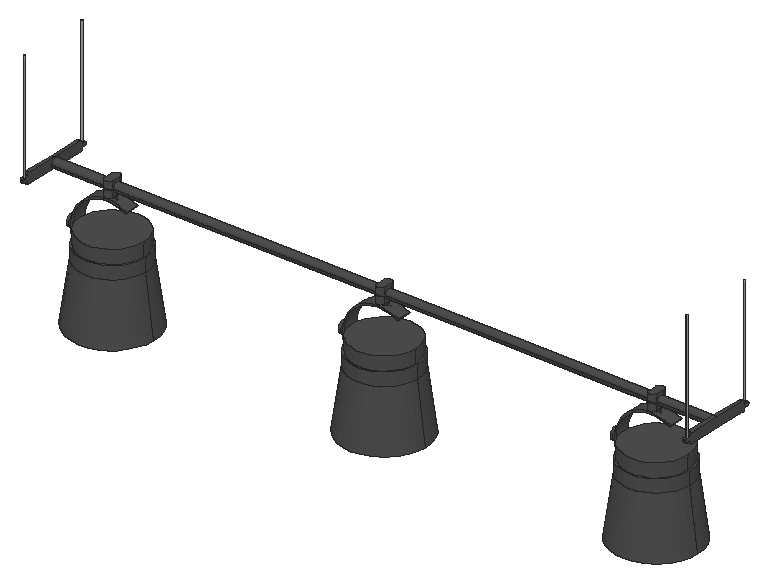
Revit family "Lighting_Pendants_Zero_Ginza_Horizontal_Pendant", category Lighting Fixtures, Revit 2020
Family settings
  Round Connector Dimension = Use Diameter
  Part Type = Normal
  Work Plane-Based = Yes
  Always vertical = Yes
  Cut with Voids When Loaded = No
  Light Source = No
  Shared = No
  Room Calculation Point = No
Parameters (values of type "Ginza horizontal 3 x LED 620LM/10W black")
  Youtube clip = ""
  Weight Net (Kg) = "5.2"
  Wattage Comments = ""
  WarrantyStartDate = "n/a"
  WarrantyGuarantorParts = "n/a"
  WarrantyGuarantorLabor = "n/a"
  WarrantyDurationUnit = "Hours"
  WarrantyDurationParts = "n/a"
  WarrantyDurationLabor = "n/a"
  WarrantyDescription = "n/a"
  VersionDate = "31/08/2023"  # constant formula
  Version = "3"  # constant formula
  UsageCurrent = 0 A
  Uniformat II Description = ""
  Uniformat II Code = ""
  Uniclass2015Reference = "Pr_70_70_48_86"
  Uniclass2015Description = "Suspended luminaires"
  Uniclass2 = "Pr_70_70_49_86"
  Uniclass 2015 Name = ""
  Uniclass 2015 Code = ""
  Uniclass 2.0 Description = ""
  Uniclass 2.0 Code = ""
  Uniclass 1.4 Description = ""
  Uniclass 1.4 Code = ""
  URL = "https://www.zerolighting.com/ginza-horisontal-inompe"
  UNSPSC Code = ""
  TotalWattage = 30 W
  Technical description = ""
  TagNumber [instance] = "n/a"
  SustainabilityPerformance = "n/a"
  Size = "150x238x1200 mm"
  Shape = "Sculptured"
  SerialNumber [instance] = "n/a"
  Revision = "5"  # constant formula
  ReplacementCost = "n/a"
  Region South America = "None"
  Region Oceania = "AU, NZ"
  Region North America = "BZ, CR, GT, HN, MX, NI, PA, SV, US"
  Region Middle East = "AE"
  Region Europe = "AD, AL, AT, AX, BA, BE, BG, BY, CH, CY, CZ, DE, DK, EE, ES, FI, FO, FR, GB, GG, GI, GR, HR, HU, IE, IM, IS, IT, JE, LI, LT, LU, LV, MC, MD, ME, MK, MT, NL, NO, PL, PT, RO, RS, RU, SE, SI, SJ, SK, SM, UA, VA"
  Region Asia = "HK, JP, SG"
  Region Antarctica = "None"
  Region Africa = "None"
  ProductInformation = "A spotlight mounted on a strip: simple and practical."
  ProductDatasheet = "https://www.zerolighting.com/s/Ginza-Horisontal.pdf"
  Product group = "Pendant"
  Product family = "Ginza"
  Product certification = ""
  Product SKU = "Ginza_Horisontal"
  Product Guid = "4d562fae-40b8-4830-a2ab-da16390fc901"
  PhaseReference = "n/a"
  PhaseAngle = 0.00°
  OmniClass Description = ""
  OmniClass Code = ""
  NumberOfSources = 1
  NumberOfPoles = 1
  NominalVoltageCalc = 230 V
  NominalVoltage = 230 V
  NominalLength = 1200 mm
  NominalFrequencyRange = 50 Hz
  NominalDepth = 150 mm
  NominalCurrent = 0 A
  Nominal width = 1200 mm
  Nominal height = 230 mm
  Name = "Zero_Ginza_Horizontal_Pendant"  # constant formula
  NBSReference = "90-60-50/405"
  NBSDescription = "General purpose luminaires"
  NBS Reference Description = ""
  NBS Reference Code = ""
  ModelReference = "8430-1-06"
  ModelNumber = "n/a"
  Model = "Ginza horizontal 3 x LED 620LM/10W black"
  Material secondary = "Steel"
  Material main = "Aluminium"
  Material = "Aluminium & microprisma"
  Masterformat 2014 Description = ""
  Masterformat 2014 Code = ""
  ManufacturersSpecificInformation = "n/a"
  ManufacturerURL = "https://www.zerolighting.com/"
  ManufacturerName = "Zero"
  Manufacturer name = "ZERO"
  Manufacturer country = "Sweden"
  Manufacturer = "Zero"
  MaintenanceFactor = 0
  LightSource = "3 x LED 620LM/10W"
  LightFixtureTertiaryMaterial = Steel, Galvanized
  LightFixtureSecondaryMaterial = Black aluminium
  LightFixturePlacingType = "Ceiling"
  LightFixtureMountingType = "Suspended"
  LightFixtureMainMaterial = Black aluminium
  LensMaterial = Microprisma
  Lamp = ""
  InsulationStandardClass = "n/a"
  InstallationDate = "n/a"
  Installation instructions = ""
  IfcExportType = "NOTDEFINED"  # constant formula
  IfcExportAs = "IfcLightFixtureType"  # constant formula
  IP_Code = "IP 20"
  IFC Classification = ""
  HasProtectiveEarth = no
  Grade = "n/a"
  GTIN code = ""
  Finish = "Painted metal and aluminum. White RAL 9010, black RAL 9005, orange RAL 4030S. Diffuser in microprisma.  Other colours or lenghts/mumber of spotlights on request."
  Features = "Terminal block 3x2,5mm² in ceiling cup. Adjustable spotlights. 2,5 m wire"
  ExpectedLife = "n/a"
  ElectricalDeviceNominalPower = 10 W
  Edition number = 1
  DurationUnit = "Hours"
  DimmingType = "n/a"
  Designer = "Thomas Bernstrand"
  Design country = "Sweden"
  Description = "A spotlight mounted on a strip: simple and practical. Above a table or in front of a wall, Ginza is available both horizontal and vertical. In addition, the fixture can twist around its axis to direct light at the desired angle without altering the balance of the strip."
  DefaultElevation = 0 mm
  Default Elevation [instance] = 1219.2 mm
  Date of publishing = ""
  Constituents = "n/a"
  ColorTolerance = "SDCM 3"
  ColorRenderingIndex = ">80"
  Color = "Black"
  Collection = "Ginza"
  built-in parameter 1114216 [instance] = (empty or 0)
  CodePerformance = "n/a"
  Category = "Interior lighting"
  CableLengthControl [instance] = if(CableLength < 200 mm, 200 mm, if(CableLength > 2500 mm, 2500 mm, CableLength))  # 200 mm
  CableLength [instance] = 200 mm
  COBIe Type Category = ""
  Brand url = "http://www.zero.se"
  Brand = "Zero"
  Barcode [instance] = "n/a"
  BIMObjectName = "Lighting_Pendants_Zero_Ginza_Horizontal_Pendant"  # constant formula
  Author = "BIMstone"  # constant formula
  AssetType = "n/a"
  AssetIdentifier [instance] = "n/a"
  ArticleNumber = "8430-1-06"
  Apparent Load = 0 VA
  AccessibilityPerformance = "n/a"
Reference planes
  plane 1 "Center (Front/Back)": y = 0
  plane 2: z = -4000
  plane 3 "Center (Left/Right)": x = 0
  plane 4 "Ceiling": z = 0
  plane 5: z = -200
  plane 6: x = 490.002
  plane 7: x = -490.104
  plane 8: z = -424.976
  plane 9: y = 75
  plane 10: y = -75
  plane 11: x = -600
  plane 12: x = 600
  plane 13: z = -187
  plane 14: z = 0
Forms (mm)
  Extrusion 1, solid, material "Steel, Galvanized" <- "LightFixtureTertiaryMaterial", detail levels medium+fine
    sketch origin (0, 0, 0) x (0, 1, 0) y (-1, 0, 0)
      loop
        circle (64.5, 597) r 1
      loop
        circle (-64.5, 597) r 1
      loop
        circle (64.5, -597) r 1
      loop
        circle (-64.5, -597) r 1
    from -200 to 0
  Extrusion 2, solid, material "Black aluminium" <- "LightFixtureMainMaterial", detail levels coarse
    sketch origin (0, 0, 0) x (0, 1, 0) y (-1, 0, 0)
      loop
        line (75, 600) -> (-75, 600) -> (-75, -600) -> (75, -600) -> (75, 600)
    from 0 to -424.976
Lines and regions (mm)
  symbolic lines, detail levels medium+fine
    curve 1: line (598, 0, -191) -> (598, 0, 0)
    curve 2: line (598, 0, 0) -> (596, 0, 0)
    curve 3: line (596, 0, 0) -> (596, 0, -191)
    curve 10: line (-598, 0, -191) -> (-598, 0, 0)
    curve 11: line (-598, 0, 0) -> (-596, 0, 0)
    curve 12: line (-596, 0, 0) -> (-596, 0, -191)
    curve 13: arc (-489.976, -75, -4000) -> (-540.101, -55.79, -4000) -> (-564.548, -8, -4000) r 75
    curve 14: arc (-489.976, 75, -4000) -> (-439.852, 55.79, -4000) -> (-415.404, 8, -4000) r 75
    curve 40: line (-600, 70, 4000) -> (-600, -70, 4000)
    curve 41: line (-600, -70, 4000) -> (-594, -70, 4000)
    curve 42: line (-594, -70, 4000) -> (-594, -8, 4000)
    curve 43: line (-594, -8, 4000) -> (-564.548, -8, 4000)
    curve 44: line (-600, 70, 4000) -> (-594, 70, 4000)
    curve 45: line (-594, 70, 4000) -> (-594, 8, 4000)
    curve 46: line (-594, 8, 4000) -> (-564.548, 8, 4000)
    curve 47: arc (-564.548, 8, -4000) -> (-540.101, 55.79, -4000) -> (-489.976, 75, -4000) r 75
    curve 50: line (-594, 8, -4000) -> (-564.548, 8, -4000)
    curve 51: line (-594, -8, -4000) -> (-564.548, -8, -4000)
    curve 54: arc (-415.404, -8, -4000) -> (-439.852, -55.79, -4000) -> (-489.976, -75, -4000) r 75
    curve 55: arc (0, -75, -4000) -> (-50.125, -55.79, -4000) -> (-74.572, -8, -4000) r 75
    curve 56: arc (0, 75, -4000) -> (50.125, 55.79, -4000) -> (74.572, 8, -4000) r 75
    curve 82: arc (-74.572, 8, -4000) -> (-50.125, 55.79, -4000) -> (0, 75, -4000) r 75
    curve 87: arc (74.572, -8, -4000) -> (50.125, -55.79, -4000) -> (0, -75, -4000) r 75
    curve 88: arc (489.976, -75, -4000) -> (439.852, -55.79, -4000) -> (415.404, -8, -4000) r 75
    curve 89: arc (489.976, 75, -4000) -> (540.101, 55.79, -4000) -> (564.548, 8, -4000) r 75
    curve 115: arc (415.404, 8, -4000) -> (439.852, 55.79, -4000) -> (489.976, 75, -4000) r 75
    curve 120: arc (564.548, -8, -4000) -> (540.101, -55.79, -4000) -> (489.976, -75, -4000) r 75
    curve 122: line (-415.404, 8, -4000) -> (-74.572, 8, -4000)
    curve 123: line (-415.404, -8, -4000) -> (-74.572, -8, -4000)
    curve 127: line (74.572, 8, -4000) -> (415.404, 8, -4000)
    curve 128: line (74.572, -8, -4000) -> (415.404, -8, -4000)
    curve 131: line (564.548, 8, -4000) -> (594, 8, -4000)
    curve 132: line (564.548, -8, -4000) -> (594, -8, -4000)
    curve 133: line (594, 8, 4000) -> (594, 70, 4000)
    curve 134: line (594, 70, 4000) -> (600, 70, 4000)
    curve 135: line (600, 70, 4000) -> (600, -70, 4000)
    curve 136: line (600, -70, 4000) -> (594, -70, 4000)
    curve 137: line (594, -70, 4000) -> (594, -8, 4000)
    curve 155: line (0, 65.5, -197) -> (0, 65.5, 0)
    curve 156: line (0, 65.5, 0) -> (0, -63.5, 0)
    curve 157: line (0, 63.5, 0) -> (0, 63.5, -197)
    curve 158: line (0, -63.5, -197) -> (0, -63.5, 0)
    curve 159: line (0, -65.5, 0) -> (0, -63.5, 0)
    curve 160: line (0, -65.5, 0) -> (0, -65.5, -197)
  symbolic lines, detail levels fine
    curve 4: line (598, 0, -191) -> (598, 0, -197)
    curve 5: line (598, 0, -197) -> (596, 0, -197)
    curve 6: line (596, 0, -197) -> (596, 0, -191)
    curve 7: line (-596, 0, -191) -> (-596, 0, -197)
    curve 8: line (-596, 0, -197) -> (-598, 0, -197)
    curve 9: line (-598, 0, -197) -> (-598, 0, -191)
    curve 15: arc (-502.451, 59.2, -4000) -> (-534.332, 41.144, -4000) -> (-549.945, 8, -4000) r 60.5
    curve 16: arc (-489.976, -60.5, -4000) -> (-450.125, -45.521, -4000) -> (-430.008, -8, -4000) r 60.5
    curve 17: arc (-489.976, -57, -4000) -> (-452.607, -43.041, -4000) -> (-433.541, -8, -4000) r 57
    curve 18: arc (-502.451, 55.618, -4000) -> (-531.858, 38.665, -4000) -> (-546.412, 8, -4000) r 57
    curve 19: line (-477.45, -35.373, -4000) -> (-502.451, -35.373, -4000)
    curve 20: line (-502.451, -35.373, -4000) -> (-502.451, -8, -4000)
    curve 21: line (-477.45, -35.373, -4000) -> (-477.45, -8, -4000)
    curve 22: arc (-497.451, 7.5, -4000) -> (-504.951, 0, -4000) -> (-497.451, -7.5, -4000) r 7.5
    curve 23: line (-482.451, 7.5, -4000) -> (-497.451, 7.5, -4000)
    curve 24: arc (-482.451, -7.5, -4000) -> (-474.951, 0, -4000) -> (-482.451, 7.5, -4000) r 7.5
    curve 25: line (-497.451, -7.5, -4000) -> (-482.451, -7.5, -4000)
    curve 26: line (-502.451, -9.773, -4000) -> (-477.45, -9.773, -4000)
    curve 27: line (-502.451, -24.006, -4000) -> (-477.45, -24.006, -4000)
    curve 28: line (-502.451, 64.523, -4000) -> (-477.45, 64.523, -4000)
    curve 29: line (-489.946, 66.527, -4000) -> (-496.428, 66.527, -4000)
    curve 30: line (-483.464, 66.527, -4000) -> (-489.946, 66.527, -4000)
    curve 31: line (-479.946, 70.028, -4000) -> (-489.946, 70.028, -4000)
    curve 32: line (-489.946, 70.028, -4000) -> (-499.946, 70.028, -4000)
    curve 33: line (-499.946, 70.028, -4000) -> (-499.946, 74.334, -4000)
    curve 34: line (-479.946, 70.028, -4000) -> (-479.946, 74.326, -4000)
    curve 35: line (-493.446, 70.028, -4000) -> (-493.446, 66.527, -4000)
    curve 36: line (-496.428, 66.527, -4000) -> (-496.428, 64.523, -4000)
    curve 37: line (-483.464, 66.527, -4000) -> (-483.464, 64.523, -4000)
    curve 38: line (-502.451, 64.523, -4000) -> (-502.451, 8, -4000)
    curve 39: line (-477.45, 64.523, -4000) -> (-477.45, 8, -4000)
    curve 48: arc (-549.945, -8, -4000) -> (-529.828, -45.521, -4000) -> (-489.976, -60.5, -4000) r 60.5
    curve 49: arc (-546.412, -8, -4000) -> (-527.346, -43.041, -4000) -> (-489.976, -57, -4000) r 57
    curve 52: arc (-433.541, 8, -4000) -> (-448.077, 38.645, -4000) -> (-477.45, 55.607, -4000) r 57
    curve 53: arc (-430.008, 8, -4000) -> (-445.603, 41.125, -4000) -> (-477.45, 59.189, -4000) r 60.5
    curve 57: arc (-12.475, 59.2, -4000) -> (-44.355, 41.144, -4000) -> (-59.969, 8, -4000) r 60.5
    curve 58: arc (0, -60.5, -4000) -> (39.851, -45.521, -4000) -> (59.969, -8, -4000) r 60.5
    curve 59: arc (0, -57, -4000) -> (37.37, -43.041, -4000) -> (56.436, -8, -4000) r 57
    curve 60: arc (-12.475, 55.618, -4000) -> (-41.881, 38.665, -4000) -> (-56.436, 8, -4000) r 57
    curve 61: line (12.526, -35.373, -4000) -> (-12.475, -35.373, -4000)
    curve 62: line (-12.475, -35.373, -4000) -> (-12.475, -8, -4000)
    curve 63: line (12.526, -35.373, -4000) -> (12.526, -8, -4000)
    curve 64: arc (-7.474, 7.5, -4000) -> (-14.974, 0, -4000) -> (-7.474, -7.5, -4000) r 7.5
    curve 65: line (7.526, 7.5, -4000) -> (-7.474, 7.5, -4000)
    curve 66: arc (7.526, -7.5, -4000) -> (15.026, 0, -4000) -> (7.526, 7.5, -4000) r 7.5
    curve 67: line (-7.474, -7.5, -4000) -> (7.526, -7.5, -4000)
    curve 68: line (-12.475, -9.773, -4000) -> (12.526, -9.773, -4000)
    curve 69: line (-12.475, -24.006, -4000) -> (12.526, -24.006, -4000)
    curve 70: line (-12.475, 64.523, -4000) -> (12.526, 64.523, -4000)
    curve 71: line (0.03, 66.527, -4000) -> (-6.451, 66.527, -4000)
    curve 72: line (6.512, 66.527, -4000) -> (0.03, 66.527, -4000)
    curve 73: line (10.03, 70.028, -4000) -> (0.03, 70.028, -4000)
    curve 74: line (0.03, 70.028, -4000) -> (-9.97, 70.028, -4000)
    curve 75: line (-9.97, 70.028, -4000) -> (-9.97, 74.334, -4000)
    curve 76: line (10.03, 70.028, -4000) -> (10.03, 74.326, -4000)
    curve 77: line (-3.47, 70.028, -4000) -> (-3.47, 66.527, -4000)
    curve 78: line (-6.451, 66.527, -4000) -> (-6.451, 64.523, -4000)
    curve 79: line (6.512, 66.527, -4000) -> (6.512, 64.523, -4000)
    curve 80: line (-12.475, 64.523, -4000) -> (-12.475, 8, -4000)
    curve 81: line (12.526, 64.523, -4000) -> (12.526, 8, -4000)
    curve 83: arc (-59.969, -8, -4000) -> (-39.851, -45.521, -4000) -> (0, -60.5, -4000) r 60.5
    curve 84: arc (-56.436, -8, -4000) -> (-37.37, -43.041, -4000) -> (0, -57, -4000) r 57
    curve 85: arc (56.436, 8, -4000) -> (41.899, 38.645, -4000) -> (12.526, 55.607, -4000) r 57
    curve 86: arc (59.969, 8, -4000) -> (44.373, 41.125, -4000) -> (12.526, 59.189, -4000) r 60.5
    curve 90: arc (477.501, 59.2, -4000) -> (445.621, 41.144, -4000) -> (430.008, 8, -4000) r 60.5
    curve 91: arc (489.976, -60.5, -4000) -> (529.828, -45.521, -4000) -> (549.945, -8, -4000) r 60.5
    curve 92: arc (489.976, -57, -4000) -> (527.346, -43.041, -4000) -> (546.412, -8, -4000) r 57
    curve 93: arc (477.501, 55.618, -4000) -> (448.095, 38.665, -4000) -> (433.541, 8, -4000) r 57
    curve 94: line (502.503, -35.373, -4000) -> (477.501, -35.373, -4000)
    curve 95: line (477.501, -35.373, -4000) -> (477.501, -8, -4000)
    curve 96: line (502.503, -35.373, -4000) -> (502.503, -8, -4000)
    curve 97: arc (482.502, 7.5, -4000) -> (475.002, 0, -4000) -> (482.502, -7.5, -4000) r 7.5
    curve 98: line (497.502, 7.5, -4000) -> (482.502, 7.5, -4000)
    curve 99: arc (497.502, -7.5, -4000) -> (505.002, 0, -4000) -> (497.502, 7.5, -4000) r 7.5
    curve 100: line (482.502, -7.5, -4000) -> (497.502, -7.5, -4000)
    curve 101: line (477.501, -9.773, -4000) -> (502.503, -9.773, -4000)
    curve 102: line (477.501, -24.006, -4000) -> (502.503, -24.006, -4000)
    curve 103: line (477.501, 64.523, -4000) -> (502.503, 64.523, -4000)
    curve 104: line (490.007, 66.527, -4000) -> (483.525, 66.527, -4000)
    curve 105: line (496.489, 66.527, -4000) -> (490.007, 66.527, -4000)
    curve 106: line (500.007, 70.028, -4000) -> (490.007, 70.028, -4000)
    curve 107: line (490.007, 70.028, -4000) -> (480.007, 70.028, -4000)
    curve 108: line (480.007, 70.028, -4000) -> (480.007, 74.334, -4000)
    curve 109: line (500.007, 70.028, -4000) -> (500.007, 74.326, -4000)
    curve 110: line (486.507, 70.028, -4000) -> (486.507, 66.527, -4000)
    curve 111: line (483.525, 66.527, -4000) -> (483.525, 64.523, -4000)
    curve 112: line (496.489, 66.527, -4000) -> (496.489, 64.523, -4000)
    curve 113: line (477.501, 64.523, -4000) -> (477.501, 8, -4000)
    curve 114: line (502.503, 64.523, -4000) -> (502.503, 8, -4000)
    curve 116: arc (430.008, -8, -4000) -> (450.125, -45.521, -4000) -> (489.976, -60.5, -4000) r 60.5
    curve 117: arc (433.541, -8, -4000) -> (452.607, -43.041, -4000) -> (489.976, -57, -4000) r 57
    curve 118: arc (546.412, 8, -4000) -> (531.876, 38.645, -4000) -> (502.503, 55.607, -4000) r 57
    curve 119: arc (549.945, 8, -4000) -> (534.349, 41.125, -4000) -> (502.503, 59.189, -4000) r 60.5
    curve 121: line (-564.548, 8, -4000) -> (-415.404, 8, -4000)
    curve 124: line (-564.548, -8, -4000) -> (-415.404, -8, -4000)
    curve 125: line (-74.572, -8, -4000) -> (74.572, -8, -4000)
    curve 126: line (-74.572, 8, -4000) -> (74.572, 8, -4000)
    curve 129: line (415.404, 8, -4000) -> (564.548, 8, -4000)
    curve 130: line (415.404, -8, -4000) -> (564.548, -8, -4000)
    curve 138: line (594, -8, 4000) -> (594, 8, 4000)
    curve 139: arc (598, 64.5, 4000) -> (597, 65.5, 4000) -> (596, 64.5, 4000) r 1
    curve 140: arc (596, 64.5, 4000) -> (597, 63.5, 4000) -> (598, 64.5, 4000) r 1
    curve 141: arc (597, -63.5, 4000) -> (596, -64.5, 4000) -> (597, -65.5, 4000) r 1
    curve 142: arc (597, -65.5, 4000) -> (598, -64.5, 4000) -> (597, -63.5, 4000) r 1
    curve 143: line (3.53, 70.028, -4000) -> (3.53, 66.527, -4000)
    curve 144: line (493.507, 70.028, -4000) -> (493.507, 66.527, -4000)
    curve 145: line (-486.446, 70.028, -4000) -> (-486.446, 66.527, -4000)
    curve 146: arc (-596, 64.5, 4000) -> (-597, 65.5, 4000) -> (-598, 64.5, 4000) r 1
    curve 147: arc (-598, 64.5, 4000) -> (-597, 63.5, 4000) -> (-596, 64.5, 4000) r 1
    curve 148: arc (-597, -65.5, 4000) -> (-596, -64.5, 4000) -> (-597, -63.5, 4000) r 1
    curve 149: arc (-597, -63.5, 4000) -> (-598, -64.5, 4000) -> (-597, -65.5, 4000) r 1
    curve 150: line (-600, -60, 4000) -> (-594, -60, 4000)
    curve 151: line (-600, 60, 4000) -> (-594, 60, 4000)
    curve 152: line (594, 62, 4000) -> (600, 62, 4000)
    curve 153: line (594, -60, 4000) -> (600, -60, 4000)
    curve 154: line (-594, -8, -4000) -> (-594, 8, -4000)
Dimensions and locks
  "CableLengthControl": plane 5 to plane 4 "Ceiling"
  locked: plane 6 to plane 3 "Center (Left/Right)" at 490.002
  locked: plane 7 to plane 3 "Center (Left/Right)" at 490.104
  equal spacing: plane 11, plane 3 "Center (Left/Right)", plane 12
  "NominalLength": plane 11 to plane 12
  equal spacing: plane 9, plane 1 "Center (Front/Back)", plane 10
  "NominalDepth": plane 9 to plane 10
  locked: plane 5 to plane 13 at 13
  locked: plane 8 to plane 13 at 237.976
  aligned and locked: plane 5 to nested 1
  aligned and locked: plane 3 "Center (Left/Right)" to nested 1
  aligned and locked: nested 2 to plane 3 "Center (Left/Right)"
  aligned and locked: nested 3 to plane 6
  aligned and locked: nested 4 to plane 7
  aligned and locked: Extrusion 1 to plane 4 "Ceiling"
  aligned and locked: Extrusion 1 to plane 5
  aligned and locked: curve 2 to Extrusion 1
  aligned and locked: curve 11 to plane 4 "Ceiling"
  aligned and locked: nested 3 to plane 5
  aligned and locked: nested 2 to plane 5
  aligned and locked: nested 4 to plane 5
  aligned and locked: plane 9 to Extrusion 2 sketch curve
  aligned and locked: Extrusion 2 sketch curve to plane 11
  aligned and locked: Extrusion 2 sketch curve to plane 10
  aligned and locked: plane 12 to Extrusion 2 sketch curve
  aligned and locked: Extrusion 2 to plane 4 "Ceiling"
  aligned and locked: plane 8 to Extrusion 2
  aligned and locked: curve 5 to nested 1
  aligned and locked: curve 8 to nested 1
  aligned and locked: curve 156 to Extrusion 1
  aligned and locked: curve 159 to Extrusion 1
Automatic sketch dimensions
  Extrusion 1 sketch curve to Extrusion 1 sketch curve = 0 mm  (x8)
  plane 1 "Center (Front/Back)" to Extrusion 1 sketch curve = 64.5 mm  (x2)
  Extrusion 1 sketch curve to plane 1 "Center (Front/Back)" = 64.5 mm  (x2)
  plane 6 to Extrusion 1 sketch curve = 106.998 mm  (x2)
  plane 7 to Extrusion 1 sketch curve = 106.896 mm  (x2)
  Extrusion 1 sketch curve to Extrusion 1 sketch curve = 1 mm  (x4)
  curve 10 to plane 3 "Center (Left/Right)" = 598 mm
  curve 12 to plane 3 "Center (Left/Right)" = 596 mm
  plane 3 "Center (Left/Right)" to curve 2 = 596 mm
  plane 3 "Center (Left/Right)" to curve 2 = 598 mm
  plane 13 to curve 3 = 4 mm
  plane 13 to curve 9 = 4 mm
  curve 7 to curve 9 = 0 mm
  curve 1 to curve 3 = 0 mm
  curve 13 to curve 14 = 0 mm
  curve 13 to curve 15 = 0 mm  (x2)
  curve 13 to curve 16 = 0 mm  (x2)
  curve 13 to curve 17 = 0 mm  (x2)
  curve 13 to curve 18 = 0 mm  (x2)
  curve 13 to curve 47 = 0 mm  (x2)
  curve 13 to curve 48 = 0 mm
  curve 13 to curve 49 = 0 mm
  curve 13 to curve 52 = 0 mm  (x2)
  curve 13 to curve 53 = 0 mm  (x2)
  curve 13 to curve 54 = 0 mm
  curve 55 to curve 56 = 0 mm
  curve 55 to curve 57 = 0 mm  (x2)
  curve 55 to curve 58 = 0 mm  (x2)
  curve 55 to curve 59 = 0 mm  (x2)
  curve 55 to curve 60 = 0 mm  (x2)
  curve 55 to curve 82 = 0 mm  (x2)
  curve 55 to curve 83 = 0 mm
  curve 55 to curve 84 = 0 mm
  curve 55 to curve 85 = 0 mm  (x2)
  curve 55 to curve 86 = 0 mm  (x2)
  curve 55 to curve 87 = 0 mm
  curve 88 to curve 89 = 0 mm
  curve 88 to curve 90 = 0 mm  (x2)
  curve 88 to curve 91 = 0 mm  (x2)
  curve 88 to curve 92 = 0 mm  (x2)
  curve 88 to curve 93 = 0 mm  (x2)
  curve 88 to curve 115 = 0 mm  (x2)
  curve 88 to curve 116 = 0 mm
  curve 88 to curve 117 = 0 mm
  curve 88 to curve 118 = 0 mm  (x2)
  curve 88 to curve 119 = 0 mm  (x2)
  curve 88 to curve 120 = 0 mm
  plane 1 "Center (Front/Back)" to curve 22 = 0 mm
  plane 1 "Center (Front/Back)" to curve 16 = 0 mm
  curve 47 to plane 9 = 0 mm
  curve 13 to plane 10 = 0 mm
  plane 1 "Center (Front/Back)" to curve 64 = 0 mm
  plane 1 "Center (Front/Back)" to curve 83 = 0 mm
  curve 83 to plane 3 "Center (Left/Right)" = 0 mm
  plane 1 "Center (Front/Back)" to curve 97 = 0 mm
  plane 1 "Center (Front/Back)" to curve 119 = 0 mm
  curve 88 to plane 10 = 0 mm
  curve 115 to plane 9 = 0 mm
  curve 55 to plane 10 = 0 mm
  curve 82 to plane 9 = 0 mm
  curve 64 to plane 3 "Center (Left/Right)" = 7.474 mm
  curve 24 to plane 7 = 7.654 mm
  curve 49 to plane 7 = 0.128 mm
  plane 7 to curve 22 = 7.346 mm
  curve 55 to curve 66 = 7.526 mm
  curve 119 to plane 6 = 0.026 mm
  plane 6 to curve 99 = 7.5 mm
  curve 77 to plane 3 "Center (Left/Right)" = 3.47 mm
  curve 71 to curve 77 = 2.982 mm
  curve 75 to plane 9 = 0.666 mm
  curve 80 to curve 65 = 5.001 mm
  curve 62 to plane 3 "Center (Left/Right)" = 12.475 mm
  curve 60 to curve 84 = 0 mm
  curve 57 to curve 60 = 3.533 mm
  curve 53 to curve 14 = 14.603 mm
  curve 52 to curve 53 = 3.533 mm
  curve 21 to plane 7 = 12.654 mm
  curve 39 to plane 7 = 12.654 mm
  curve 34 to plane 9 = 0.674 mm
  curve 37 to curve 28 = 6.014 mm
  curve 145 to plane 7 = 3.659 mm
  curve 29 to plane 7 = 0.159 mm
  curve 31 to plane 7 = 0.159 mm
  plane 7 to curve 35 = 3.341 mm
  curve 29 to curve 35 = 2.982 mm
  curve 33 to plane 9 = 0.666 mm
  curve 38 to curve 36 = 6.024 mm
  curve 20 to curve 22 = 5.001 mm
  curve 49 to curve 18 = 0 mm
  curve 48 to curve 49 = 3.533 mm
  curve 15 to curve 18 = 3.533 mm
  plane 11 to curve 154 = 6 mm
  plane 3 "Center (Left/Right)" to curve 73 = 0.03 mm
  plane 3 "Center (Left/Right)" to curve 72 = 0.03 mm
  curve 71 to curve 143 = 3.5 mm
  curve 143 to curve 79 = 2.982 mm
  curve 76 to plane 9 = 0.674 mm
  curve 79 to curve 85 = 6.014 mm
  plane 3 "Center (Left/Right)" to curve 61 = 12.526 mm
  curve 59 to curve 85 = 0 mm
  curve 59 to curve 58 = 3.533 mm
  curve 85 to curve 86 = 3.533 mm
  curve 130 to curve 129 = 0 mm
  curve 90 to curve 93 = 3.533 mm
  curve 95 to plane 6 = 12.501 mm
  curve 113 to curve 97 = 5.001 mm
  curve 103 to curve 108 = 2.505 mm
  curve 107 to curve 111 = 3.518 mm
  curve 104 to curve 110 = 2.982 mm
  plane 6 to curve 105 = 0.005 mm
  plane 6 to curve 106 = 0.005 mm
  curve 107 to curve 144 = 3.5 mm
  curve 144 to curve 105 = 2.982 mm
  curve 109 to plane 9 = 0.674 mm
  curve 98 to curve 114 = 5.001 mm
  plane 6 to curve 94 = 12.501 mm
  curve 92 to curve 118 = 0 mm
  curve 118 to curve 119 = 3.533 mm
  curve 92 to curve 91 = 3.533 mm
  curve 131 to plane 12 = 6 mm
  curve 132 to plane 12 = 6 mm
  curve 83 to curve 84 = 3.5 mm
  curve 91 to curve 117 = 3.5 mm
  curve 16 to curve 17 = 3.5 mm
  curve 17 to curve 19 = 21.627 mm
  curve 117 to curve 94 = 21.627 mm
  curve 84 to curve 62 = 21.627 mm
  curve 61 to curve 69 = 11.367 mm
  curve 94 to curve 102 = 11.367 mm
  curve 19 to curve 27 = 11.367 mm
  curve 101 to curve 96 = 1.773 mm
  curve 68 to curve 63 = 1.773 mm
  curve 26 to curve 21 = 1.773 mm
  curve 65 to curve 81 = 0.5 mm
  curve 23 to curve 39 = 0.5 mm
  curve 98 to curve 114 = 0.5 mm
  curve 57 to curve 70 = 5.324 mm
  curve 15 to curve 28 = 5.324 mm
  curve 90 to curve 103 = 5.324 mm
  curve 112 to curve 112 = 2.004 mm
  curve 79 to curve 79 = 2.004 mm
  curve 37 to curve 30 = 2.004 mm
  curve 73 to curve 76 = 4.299 mm
  curve 145 to curve 145 = 3.5 mm
  curve 144 to curve 144 = 3.5 mm
  curve 109 to curve 109 = 4.299 mm
  curve 34 to curve 34 = 4.299 mm
  curve 108 to plane 9 = 0.666 mm
  curve 150 to plane 11 = 0 mm
  curve 153 to plane 12 = 0 mm
  curve 142 to plane 12 = 3 mm
  plane 10 to curve 142 = 10.5 mm
  plane 11 to curve 149 = 3 mm
  plane 10 to curve 149 = 10.5 mm
  curve 140 to plane 9 = 10.5 mm
  plane 11 to curve 146 = 3 mm
  curve 146 to plane 9 = 10.5 mm
  curve 149 to curve 148 = 1 mm
  curve 142 to curve 141 = 1 mm
  plane 10 to curve 137 = 5 mm
  plane 10 to curve 42 = 5 mm
  curve 141 to curve 153 = 3.5 mm
  curve 148 to curve 150 = 3.5 mm
  plane 1 "Center (Front/Back)" to curve 137 = 8 mm
  plane 1 "Center (Front/Back)" to curve 42 = 8 mm
  curve 45 to plane 1 "Center (Front/Back)" = 8 mm
  curve 133 to plane 1 "Center (Front/Back)" = 8 mm
  curve 151 to curve 146 = 4.5 mm
  curve 152 to curve 140 = 2.5 mm
  curve 134 to plane 9 = 5 mm
  curve 45 to plane 9 = 5 mm
  curve 139 to curve 139 = 1 mm
  curve 139 to curve 152 = 2 mm
  curve 142 to curve 137 = 3 mm
  plane 11 to curve 46 = 35.452 mm
  curve 43 to curve 46 = 0 mm
  curve 151 to curve 146 = 3 mm
  curve 150 to curve 148 = 3 mm
  curve 146 to curve 146 = 1 mm
  plane 4 "Ceiling" to curve 157 = 0 mm
  plane 10 to curve 156 = 11.5 mm
  curve 155 to plane 9 = 9.5 mm
  curve 160 to curve 158 = 2 mm
  curve 157 to curve 155 = 2 mm
  plane 5 to curve 160 = 3 mm
  plane 5 to curve 157 = 3 mm
  curve 160 to curve 158 = 0 mm
  curve 157 to curve 155 = 0 mm
Nested families
  nested 1: "Ginza_horizontal" at (0, 0, -209), SecondaryMaterial <- "LightFixtureSecondaryMaterial", type "Ginza_horizontal"
    with SecondaryMaterial Black aluminium
  nested 2: "Ginza.light2" at (0, -118.014, -424.976) x (0, 1, 0) z (0, 0, 1), LensMaterial <- "LensMaterial", MainMaterial <- "LightFixtureMainMaterial", SecondaryMaterial <- "LightFixtureSecondaryMaterial", type "Ginza.light2", detail levels medium+fine
    with SecondaryMaterial Black aluminium, MainMaterial Black aluminium, LensMaterial Microprisma
  nested 3: "Ginza.light2" at (490.002, -118.014, -424.976) x (0, 1, 0) z (0, 0, 1), LensMaterial <- "LensMaterial", MainMaterial <- "LightFixtureMainMaterial", SecondaryMaterial <- "LightFixtureSecondaryMaterial", type "Ginza.light2", detail levels medium+fine
    with SecondaryMaterial Black aluminium, MainMaterial Black aluminium, LensMaterial Microprisma
  nested 4: "Ginza.light2" at (-490.104, -118.014, -424.976) x (0, 1, 0) z (0, 0, 1), LensMaterial <- "LensMaterial", MainMaterial <- "LightFixtureMainMaterial", SecondaryMaterial <- "LightFixtureSecondaryMaterial", type "Ginza.light2", detail levels medium+fine
    with SecondaryMaterial Black aluminium, MainMaterial Black aluminium, LensMaterial Microprisma
Connectors
  electrical at (-600, 0, -200), driven by "NominalVoltage"
    settings: on nested 1, index 1, voltage 230 V, apparent load 0 VA, apparent load phase1 0 VA, apparent load phase2 0 VA, apparent load phase3 0 VA, power factor 1, load classification "Other", number of poles 1, system type 31, power factor state 1, is connector primary yes, connector utility no, sub classification motor no, connector description ""
Definition of nested family "Ginza_horizontal"
  Parameters (values of type "Ginza_horizontal")
    SecondaryMaterial [instance] = none
    Default Elevation = 0 mm
  Reference planes
    plane 1 "Center (Front/Back)": y = 0
    plane 2: z = 0
    plane 3 "Center (Left/Right)": x = 0
    plane 4: z = 9
    plane 5: z = 18
  Forms (mm)
    Extrusion 1, void
      sketch origin (3215.575, 0, -4.5) x (-1, 0, 0) y (0, -1, 0)
        loop
          line (3235.102, -4.497) -> (3256.102, -4.497)
          arc (3256.102, -4.497) -> (3260.598, 0) -> (3256.102, 4.497) r 4.497
          line (3256.102, 4.497) -> (3235.102, 4.497)
          arc (3235.102, 4.497) -> (3230.605, 0) -> (3235.102, -4.497) r 4.497
        loop
          arc (3196.098, -4.497) -> (3200.595, 0) -> (3196.098, 4.497) r 4.497
          line (3196.098, 4.497) -> (3175.098, 4.497)
          arc (3175.098, 4.497) -> (3170.602, 0) -> (3175.098, -4.497) r 4.497
          line (3175.098, -4.497) -> (3196.098, -4.497)
        loop
          arc (2766.098, -4.497) -> (2770.595, 0) -> (2766.098, 4.497) r 4.497
          line (2766.098, 4.497) -> (2745.098, 4.497)
          arc (2745.098, 4.497) -> (2740.602, 0) -> (2745.098, -4.497) r 4.497
          line (2745.098, -4.497) -> (2766.098, -4.497)
        loop
          line (3665.051, -4.497) -> (3686.051, -4.497)
          arc (3686.051, -4.497) -> (3690.548, 0) -> (3686.051, 4.497) r 4.497
          line (3686.051, 4.497) -> (3665.051, 4.497)
          arc (3665.051, 4.497) -> (3660.555, 0) -> (3665.051, -4.497) r 4.497
        loop
          line (3725.051, -4.497) -> (3746.051, -4.497)
          arc (3746.051, -4.497) -> (3750.548, 0) -> (3746.051, 4.497) r 4.497
          line (3746.051, 4.497) -> (3725.051, 4.497)
          arc (3725.051, 4.497) -> (3720.555, 0) -> (3725.051, -4.497) r 4.497
      from 4.5 to 13.5
    Extrusion 2, solid, material <- "SecondaryMaterial", detail levels medium+fine
      sketch origin (0, 0, 0) x (0, 1, 0) y (0, 0, 1)
        loop
          circle (0, 9) r 8
      from -600 to 600
    Extrusion 3, solid, material <- "SecondaryMaterial", detail levels medium+fine
      sketch origin (0, 0, 0) x (0, 1, 0) y (0, 0, 1)
        loop
          line (0, 18) -> (-58, 18)
          arc (-58, 18) -> (-59.414, 17.414) -> (-60, 16) r 2
          line (-60, 16) -> (-60, 14)
          arc (-60, 14) -> (-60.586, 12.586) -> (-62, 12) r 2
          line (-62, 12) -> (-68, 12)
          arc (-68, 12) -> (-69.414, 11.414) -> (-70, 10) r 2
          line (-70, 10) -> (-70, 8)
          arc (-70, 8) -> (-69.414, 6.586) -> (-68, 6) r 2
          line (-68, 6) -> (-62, 6)
          arc (-62, 6) -> (-60.586, 5.414) -> (-60, 4) r 2
          line (-60, 4) -> (-60, 2)
          arc (-60, 2) -> (-59.414, 0.586) -> (-58, 0) r 2
          line (-58, 0) -> (0, 0) -> (58, 0)
          arc (58, 0) -> (59.414, 0.586) -> (60, 2) r 2
          line (60, 2) -> (60, 4)
          arc (60, 4) -> (60.586, 5.414) -> (62, 6) r 2
          line (62, 6) -> (68, 6)
          arc (68, 6) -> (69.414, 6.586) -> (70, 8) r 2
          line (70, 8) -> (70, 10)
          arc (70, 10) -> (69.414, 11.414) -> (68, 12) r 2
          line (68, 12) -> (62, 12)
          arc (62, 12) -> (60.586, 12.586) -> (60, 14) r 2
          line (60, 14) -> (60, 16)
          arc (60, 16) -> (59.414, 17.414) -> (58, 18) r 2
          line (58, 18) -> (0, 18)
        loop
          circle (0, 9) r 8
      from 594 to 600
    Extrusion 4, solid, material <- "SecondaryMaterial", detail levels medium+fine
      sketch origin (0, 0, 0) x (0, 1, 0) y (0, 0, -1)
        loop
          line (0, -18) -> (58, -18)
          arc (58, -18) -> (59.414, -17.414) -> (60, -16) r 2
          line (60, -16) -> (60, -14)
          arc (60, -14) -> (60.586, -12.586) -> (62, -12) r 2
          line (62, -12) -> (68, -12)
          arc (68, -12) -> (69.414, -11.414) -> (70, -10) r 2
          line (70, -10) -> (70, -8)
          arc (70, -8) -> (69.414, -6.586) -> (68, -6) r 2
          line (68, -6) -> (62, -6)
          arc (62, -6) -> (60.586, -5.414) -> (60, -4) r 2
          line (60, -4) -> (60, -2)
          arc (60, -2) -> (59.414, -0.586) -> (58, 0) r 2
          line (58, 0) -> (0, 0) -> (-58, 0)
          arc (-58, 0) -> (-59.414, -0.586) -> (-60, -2) r 2
          line (-60, -2) -> (-60, -4)
          arc (-60, -4) -> (-60.586, -5.414) -> (-62, -6) r 2
          line (-62, -6) -> (-68, -6)
          arc (-68, -6) -> (-69.414, -6.586) -> (-70, -8) r 2
          line (-70, -8) -> (-70, -10)
          arc (-70, -10) -> (-69.414, -11.414) -> (-68, -12) r 2
          line (-68, -12) -> (-62, -12)
          arc (-62, -12) -> (-60.586, -12.586) -> (-60, -14) r 2
          line (-60, -14) -> (-60, -16)
          arc (-60, -16) -> (-59.414, -17.414) -> (-58, -18) r 2
          line (-58, -18) -> (0, -18)
        loop
          circle (0, -9) r 8
      from 594 to 600
    Extrusion 5, void
      sketch origin (0, 0, 0) x (0, 1, 0) y (-1, 0, 0)
        loop
          circle (-64.5, 597) r 1
        loop
          circle (64.5, 597) r 1
        loop
          circle (-64.5, -597) r 1
        loop
          circle (64.5, -597) r 1
      from 0 to 250
  Cuts and joins
    Extrusion 1 cuts Extrusion 2
    Extrusion 5 cuts Extrusion 3
    Extrusion 5 cuts Extrusion 4
    joined: Extrusion 2, Extrusion 3, Extrusion 4
  Lines and regions (mm)
    symbolic lines, detail levels medium+fine
      curve 1: line (600, 0, 18) -> (598, 0, 18)
      curve 2: line (594, 0, 18) -> (596, 0, 18)
      curve 3: line (600, 0, 18) -> (600, 0, 0)
      curve 4: line (600, 0, 0) -> (594, 0, 0)
      curve 5: line (594, 0, 0) -> (594, 0, 1)
      curve 6: line (594, 0, 1) -> (497.502, 0, 1)
      curve 7: line (497.502, 0, 1) -> (497.502, 0, -4)
      curve 8: line (497.502, 0, -4) -> (496.468, 0, -4)
      curve 9: line (496.468, 0, -4) -> (496.468, 0, -8.374)
      curve 10: line (524.031, 0, -20.119) -> (525.389, 0, -17.453)
      curve 11: line (482.313, 0, -13.76) -> (497.691, 0, -13.76)
      curve 12: line (497.691, 0, -13.76) -> (499.666, 0, -11.785)
      curve 13: line (482.313, 0, -13.76) -> (480.188, 0, -11.635)
      curve 14: arc (428.768, 0, -65.495) -> (445.221, 0, -29.728) -> (480.188, 0, -11.635) r 60.557
      curve 15: line (433.002, 0, -65.495) -> (428.768, 0, -65.495)
      curve 16: line (433.002, 0, -65.495) -> (433.002, 0, -62.976)
      curve 17: line (433.002, 0, -62.976) -> (547.002, 0, -62.976)
      curve 18: line (547.002, 0, -62.976) -> (547.002, 0, -86.976)
      curve 19: line (550.502, 0, -86.976) -> (547.002, 0, -86.976)
      curve 20: line (550.502, 0, -86.976) -> (550.502, 0, -109.976)
      curve 21: line (550.502, 0, -109.976) -> (565.002, 0, -215.976)
      curve 22: line (415.002, 0, -215.976) -> (565.002, 0, -215.976)
      curve 23: line (415.002, 0, -215.976) -> (429.502, 0, -109.976)
      curve 24: line (429.502, 0, -109.976) -> (429.502, 0, -86.976)
      curve 25: line (429.502, 0, -86.976) -> (433.002, 0, -86.976)
      curve 26: line (433.002, 0, -86.976) -> (433.002, 0, -80.456)
      curve 28: line (433.002, 0, -80.456) -> (428.468, 0, -80.456)
      curve 29: line (425.478, 0, -84.65) -> (428.468, 0, -84.65)
      curve 30: line (428.468, 0, -84.65) -> (428.468, 0, -80.456)
      curve 31: line (425.478, 0, -84.65) -> (425.477, 0, -79.457)
      curve 32: line (423.475, 0, -79.457) -> (425.477, 0, -79.457)
      curve 33: line (423.475, 0, -79.457) -> (423.475, 0, -76.476)
      curve 34: line (423.475, 0, -76.476) -> (419.974, 0, -76.476)
      curve 35: line (419.974, 0, -76.476) -> (419.974, 0, -82.976)
      curve 36: line (419.974, 0, -82.976) -> (415.47, 0, -82.976)
      curve 37: line (415.47, 0, -82.976) -> (415.47, 0, -62.976)
      curve 38: line (415.47, 0, -62.976) -> (419.974, 0, -62.976)
      curve 39: line (423.475, 0, -69.476) -> (419.974, 0, -69.476)
      curve 40: line (419.974, 0, -69.476) -> (419.974, 0, -62.976)
      curve 41: line (423.475, 0, -69.476) -> (423.475, 0, -66.494)
      curve 42: line (423.475, 0, -66.494) -> (425.677, 0, -66.494)
      curve 43: arc (425.677, 0, -66.494) -> (443.935, 0, -26.764) -> (483.539, 0, -8.235) r 63.547
      curve 44: line (483.539, 0, -4) -> (483.539, 0, -8.235)
      curve 45: line (483.539, 0, -4) -> (482.502, 0, -4)
      curve 46: line (482.502, 0, -4) -> (482.502, 0, 1.05)
      curve 47: line (497.502, 0, 17.05) -> (497.502, 0, 22)
      curve 48: line (497.502, 0, 22) -> (482.502, 0, 22)
      curve 49: line (482.502, 0, 22) -> (482.502, 0, 17.05)
      curve 63: line (7.5, 0, 1.05) -> (7.5, 0, -4)
      curve 64: line (7.5, 0, -4) -> (6.492, 0, -4)
      curve 65: arc (-61.234, 0, -65.495) -> (-44.773, 0, -29.72) -> (-9.791, 0, -11.632) r 60.557
      curve 66: line (-57, 0, -65.495) -> (-61.234, 0, -65.495)
      curve 67: line (-57, 0, -65.495) -> (-57, 0, -62.976)
      curve 68: line (-57, 0, -62.976) -> (57, 0, -62.976)
      curve 69: line (57, 0, -62.976) -> (57, 0, -86.976)
      curve 70: line (60.5, 0, -86.976) -> (57, 0, -86.976)
      curve 71: line (60.5, 0, -86.976) -> (60.5, 0, -109.976)
      curve 72: line (60.5, 0, -109.976) -> (75, 0, -215.976)
      curve 73: line (-75, 0, -215.976) -> (75, 0, -215.976)
      curve 74: line (-75, 0, -215.976) -> (-60.5, 0, -109.976)
      curve 75: line (-60.5, 0, -109.976) -> (-60.5, 0, -86.976)
      curve 76: line (-60.5, 0, -86.976) -> (-57, 0, -86.976)
      curve 77: line (-57, 0, -86.976) -> (-57, 0, -80.456)
      curve 79: line (-57, 0, -80.456) -> (-61.534, 0, -80.456)
      curve 80: line (-64.523, 0, -84.65) -> (-61.534, 0, -84.65)
      curve 81: line (-61.534, 0, -84.65) -> (-61.534, 0, -80.456)
      curve 82: line (-64.523, 0, -84.65) -> (-64.525, 0, -79.457)
      curve 83: line (-66.527, 0, -79.457) -> (-64.525, 0, -79.457)
      curve 84: line (-66.527, 0, -79.457) -> (-66.527, 0, -76.476)
      curve 85: line (-66.527, 0, -76.476) -> (-70.028, 0, -76.476)
      curve 86: line (-70.028, 0, -76.476) -> (-70.028, 0, -82.976)
      curve 87: line (-70.028, 0, -82.976) -> (-74.532, 0, -82.976)
      curve 88: line (-74.532, 0, -82.976) -> (-74.532, 0, -62.976)
      curve 89: line (-74.532, 0, -62.976) -> (-70.028, 0, -62.976)
      curve 90: line (-66.527, 0, -69.476) -> (-70.028, 0, -69.476)
      curve 91: line (-70.028, 0, -69.476) -> (-70.028, 0, -62.976)
      curve 92: line (-66.527, 0, -69.476) -> (-66.527, 0, -66.494)
      curve 93: line (-66.527, 0, -66.494) -> (-64.325, 0, -66.494)
      curve 94: arc (-64.325, 0, -66.494) -> (-46.067, 0, -26.764) -> (-6.463, 0, -8.235) r 63.547
      curve 95: line (-6.438, 0, -4) -> (-7.5, 0, -4)
      curve 96: line (-7.5, 0, -4) -> (-7.5, 0, 1.05)
      curve 97: line (7.5, 0, 17.05) -> (7.5, 0, 22)
      curve 98: line (7.5, 0, 22) -> (-7.5, 0, 22)
      curve 99: line (-7.5, 0, 22) -> (-7.5, 0, 17.05)
      curve 113: line (-482.476, 0, 1) -> (-482.476, 0, -4)
      curve 114: line (-482.476, 0, -4) -> (-483.51, 0, -4)
      curve 115: arc (-551.21, 0, -65.495) -> (-534.757, 0, -29.728) -> (-499.79, 0, -11.635) r 60.557
      curve 116: line (-546.976, 0, -65.495) -> (-551.21, 0, -65.495)
      curve 117: line (-546.976, 0, -65.495) -> (-546.976, 0, -62.976)
      curve 118: line (-546.976, 0, -62.976) -> (-432.976, 0, -62.976)
      curve 119: line (-432.976, 0, -62.976) -> (-432.976, 0, -86.976)
      curve 120: line (-429.476, 0, -86.976) -> (-432.976, 0, -86.976)
      curve 121: line (-429.476, 0, -86.976) -> (-429.476, 0, -109.976)
      curve 122: line (-429.476, 0, -109.976) -> (-414.976, 0, -215.976)
      curve 123: line (-564.976, 0, -215.976) -> (-414.976, 0, -215.976)
      curve 124: line (-564.976, 0, -215.976) -> (-550.476, 0, -109.976)
      curve 125: line (-550.476, 0, -109.976) -> (-550.476, 0, -86.976)
      curve 126: line (-550.476, 0, -86.976) -> (-546.976, 0, -86.976)
      curve 127: line (-546.976, 0, -86.976) -> (-546.976, 0, -80.456)
      curve 129: line (-546.976, 0, -80.456) -> (-551.51, 0, -80.456)
      curve 130: line (-554.5, 0, -84.65) -> (-551.51, 0, -84.65)
      curve 131: line (-551.51, 0, -84.65) -> (-551.51, 0, -80.456)
      curve 132: line (-554.5, 0, -84.65) -> (-554.501, 0, -79.457)
      curve 133: line (-556.504, 0, -79.457) -> (-554.501, 0, -79.457)
      curve 134: line (-556.504, 0, -79.457) -> (-556.504, 0, -76.476)
      curve 135: line (-556.504, 0, -76.476) -> (-560.004, 0, -76.476)
      curve 136: line (-560.004, 0, -76.476) -> (-560.004, 0, -82.976)
      curve 137: line (-560.004, 0, -82.976) -> (-564.508, 0, -82.976)
      curve 138: line (-564.508, 0, -82.976) -> (-564.508, 0, -62.976)
      curve 139: line (-564.508, 0, -62.976) -> (-560.004, 0, -62.976)
      curve 140: line (-556.504, 0, -69.476) -> (-560.004, 0, -69.476)
      curve 141: line (-560.004, 0, -69.476) -> (-560.004, 0, -62.976)
      curve 142: line (-556.504, 0, -69.476) -> (-556.504, 0, -66.494)
      curve 143: line (-556.504, 0, -66.494) -> (-554.302, 0, -66.494)
      curve 144: arc (-554.302, 0, -66.494) -> (-536.044, 0, -26.764) -> (-496.44, 0, -8.235) r 63.547
      curve 145: line (-496.44, 0, -4) -> (-497.476, 0, -4)
      curve 146: line (-497.476, 0, -4) -> (-497.476, 0, 1.008)
      curve 147: line (-482.476, 0, 17.05) -> (-482.476, 0, 22)
      curve 148: line (-482.476, 0, 22) -> (-497.476, 0, 22)
      curve 149: line (-497.476, 0, 22) -> (-497.476, 0, 17.05)
      curve 163: line (594, 0, 18) -> (594, 0, 17)
      curve 164: line (594, 0, 17) -> (497.502, 0, 17.05)
      curve 165: line (482.502, 0, 17.05) -> (7.5, 0, 17.05)
      curve 166: line (-7.5, 0, 17.05) -> (-482.476, 0, 17.05)
      curve 167: line (-497.476, 0, 17.05) -> (-594, 0, 17.05)
      curve 168: line (-594, 0, 17.05) -> (-594, 0, 18)
      curve 169: line (-594, 0, 18) -> (-596, 0, 18)
      curve 170: line (-600, 0, 18) -> (-598, 0, 18)
      curve 171: line (-600, 0, 18) -> (-600, 0, 0)
      curve 172: line (-594, 0, 0) -> (-600, 0, 0)
      curve 173: line (-594, 0, 0) -> (-594, 0, 1)
      curve 174: line (-594, 0, 1) -> (-535.015, 0, 1)
      curve 175: line (-509.476, 0, 2.383) -> (-530.476, 0, 2.383)
      curve 176: arc (-530.476, 0, 2.383) -> (-532.849, 0, 2.03) -> (-535.015, 0, 1) r 8.138
      curve 177: line (-497.476, 0, 1.008) -> (-504.993, 0, 1.008)
      curve 178: arc (-509.476, 0, 2.383) -> (-507.131, 0, 2.032) -> (-504.993, 0, 1.008) r 7.995
      curve 179: line (-470.476, 0, 2.383) -> (-449.476, 0, 2.383)
      curve 180: arc (-449.476, 0, 2.383) -> (-447.104, 0, 2.03) -> (-444.938, 0, 1) r 8.138
      curve 181: arc (-470.476, 0, 2.383) -> (-472.821, 0, 2.032) -> (-474.96, 0, 1.008) r 7.995
      curve 182: line (-474.96, 0, 1.008) -> (-482.476, 0, 1)
      curve 183: line (-444.938, 0, 1) -> (-45.065, 0, 1)
      curve 184: line (-19.527, 0, 2.383) -> (-40.527, 0, 2.383)
      curve 185: arc (-40.527, 0, 2.383) -> (-42.899, 0, 2.03) -> (-45.065, 0, 1) r 8.138
      curve 186: arc (-19.527, 0, 2.383) -> (-17.182, 0, 2.032) -> (-15.043, 0, 1.008) r 7.995
      curve 187: line (19.473, 0, 2.383) -> (40.473, 0, 2.383)
      curve 188: arc (40.473, 0, 2.383) -> (42.846, 0, 2.03) -> (45.012, 0, 1) r 8.138
      curve 189: arc (19.473, 0, 2.383) -> (17.128, 0, 2.032) -> (14.99, 0, 1.008) r 7.995
      curve 190: line (-15.043, 0, 1.008) -> (-7.5, 0, 1.05)
      curve 191: line (14.99, 0, 1.008) -> (7.5, 0, 1.05)
      curve 192: line (470.476, 0, 2.383) -> (449.476, 0, 2.383)
      curve 193: arc (449.476, 0, 2.383) -> (447.104, 0, 2.03) -> (444.938, 0, 1) r 8.138
      curve 194: arc (470.476, 0, 2.383) -> (472.821, 0, 2.032) -> (474.96, 0, 1.008) r 7.995
      curve 195: line (474.96, 0, 1.008) -> (482.502, 0, 1.05)
      curve 196: line (444.938, 0, 1) -> (45.012, 0, 1)
      curve 197: arc (496.468, 0, -8.374) -> (511.394, 0, -11.432) -> (525.389, 0, -17.453) r 74.751
      curve 198: arc (499.666, 0, -11.785) -> (512.226, 0, -14.85) -> (524.031, 0, -20.119) r 71.761
      curve 201: line (6.492, 0, -4) -> (6.492, 0, -8.374)
      curve 202: line (34.055, 0, -20.119) -> (35.413, 0, -17.453)
      curve 203: line (-7.664, 0, -13.76) -> (7.715, 0, -13.76)
      curve 204: line (7.715, 0, -13.76) -> (9.69, 0, -11.785)
      curve 205: line (-7.664, 0, -13.76) -> (-9.791, 0, -11.632)
      curve 206: line (-6.438, 0, -4) -> (-6.438, 0, -8.235)
      curve 207: arc (6.492, 0, -8.374) -> (21.417, 0, -11.432) -> (35.413, 0, -17.453) r 74.751
      curve 208: arc (9.69, 0, -11.785) -> (22.249, 0, -14.85) -> (34.055, 0, -20.119) r 71.761
      curve 211: line (-483.51, 0, -4) -> (-483.51, 0, -8.374)
      curve 212: line (-455.947, 0, -20.119) -> (-454.589, 0, -17.453)
      curve 213: line (-497.666, 0, -13.76) -> (-482.287, 0, -13.76)
      curve 214: line (-482.287, 0, -13.76) -> (-480.312, 0, -11.785)
      curve 215: line (-497.666, 0, -13.76) -> (-499.79, 0, -11.635)
      curve 216: line (-496.44, 0, -4) -> (-496.44, 0, -8.235)
      curve 217: arc (-483.51, 0, -8.374) -> (-468.585, 0, -11.432) -> (-454.589, 0, -17.453) r 74.751
      curve 218: arc (-480.312, 0, -11.785) -> (-467.753, 0, -14.85) -> (-455.947, 0, -20.119) r 71.761
      curve 227: line (0, 74.974, -215.976) -> (0, -75.026, -215.976)
      curve 228: line (0, -75.026, -215.976) -> (0, -60.526, -109.976)
      curve 229: line (0, -60.526, -109.976) -> (0, -60.526, -86.976)
      curve 230: line (0, -60.526, -86.976) -> (0, -57.026, -86.976)
      curve 231: line (0, -57.026, -86.976) -> (0, -57.026, -62.976)
      curve 232: line (0, -57.026, -62.976) -> (0, -12.501, -62.976)
      curve 233: line (0, -12.501, -62.976) -> (0, -12.501, -7.995)
      curve 234: line (0, -6.489, -4) -> (0, -6.489, -7.995)
      curve 235: line (0, -6.489, -4) -> (0, -15, -4)
      curve 236: line (0, -15, -4) -> (0, -15, 0)
      curve 237: line (0, -15, 0) -> (0, -58, 0)
      curve 238: arc (0, -58, 0) -> (0, -59.414, 0.586) -> (0, -60, 2) r 2
      curve 239: line (0, -60, 4) -> (0, -60, 2)
      curve 240: arc (0, -60, 4) -> (0, -60.586, 5.414) -> (0, -62, 6) r 2
      curve 241: line (0, -68, 6) -> (0, -62, 6)
      curve 242: arc (0, -68, 6) -> (0, -69.414, 6.586) -> (0, -70, 8) r 2
      curve 243: arc (0, -70, 10) -> (0, -69.414, 11.414) -> (0, -68, 12) r 2
      curve 244: line (0, -70, 10) -> (0, -70, 8)
      curve 245: line (0, -65.5, 12) -> (0, -68, 12)
      curve 246: line (0, -62, 12) -> (0, -63.5, 12)
      curve 247: arc (0, -62, 12) -> (0, -60.586, 12.586) -> (0, -60, 14) r 2
      curve 248: line (0, -60, 16) -> (0, -60, 14)
      curve 249: arc (0, -60, 16) -> (0, -59.414, 17.414) -> (0, -58, 18) r 2
      curve 250: line (0, -15, 18) -> (0, -58, 18)
      curve 251: line (0, 15, 22) -> (0, -15, 22)
      curve 252: line (0, -15, 22) -> (0, -15, 18)
      curve 253: line (0, 15, 22) -> (0, 15, 18)
      curve 254: line (0, 74.974, -215.976) -> (0, 60.474, -109.976)
      curve 255: line (0, 60.474, -109.976) -> (0, 60.474, -86.976)
      curve 256: line (0, 60.474, -86.976) -> (0, 56.974, -86.976)
      curve 257: line (0, 56.974, -86.976) -> (0, 56.974, -62.976)
      curve 258: line (0, 56.974, -62.976) -> (0, 12.501, -62.976)
      curve 259: line (0, 12.501, -62.976) -> (0, 12.501, -7.998)
      curve 260: line (0, 6.438, -4) -> (0, 6.438, -7.998)
      curve 261: line (0, 6.438, -4) -> (0, 15, -4)
      curve 262: line (0, 15, -4) -> (0, 15, 0)
      curve 263: line (0, 15, 0) -> (0, 58, 0)
      curve 264: arc (0, 58, 0) -> (0, 59.414, 0.586) -> (0, 60, 2) r 2
      curve 265: line (0, 60, 4) -> (0, 60, 2)
      curve 266: arc (0, 60, 4) -> (0, 60.586, 5.414) -> (0, 62, 6) r 2
      curve 267: line (0, 68, 6) -> (0, 62, 6)
      curve 268: arc (0, 68, 6) -> (0, 69.414, 6.586) -> (0, 70, 8) r 2
      curve 269: arc (0, 70, 10) -> (0, 69.414, 11.414) -> (0, 68, 12) r 2
      curve 270: line (0, 70, 10) -> (0, 70, 8)
      curve 271: line (0, 65.5, 12) -> (0, 68, 12)
      curve 272: arc (0, 60, 14) -> (0, 60.586, 12.586) -> (0, 62, 12) r 2
      curve 273: line (0, 63.5, 12) -> (0, 62, 12)
      curve 274: line (0, 60, 14) -> (0, 60, 16)
      curve 275: arc (0, 58, 18) -> (0, 59.414, 17.414) -> (0, 60, 16) r 2
      curve 276: line (0, 58, 18) -> (0, 15, 18)
      curve 287: line (0, 12.501, -7.998) -> (0, 6.438, -7.998)
      curve 289: line (0, -6.489, -7.995) -> (0, -12.501, -7.995)
    symbolic lines, detail levels fine
      curve 27: line (433.002, 0, -65.495) -> (433.002, 0, -80.456)
      curve 50: line (497.502, 0, 8.5) -> (482.502, 0, 8.5)
      curve 51: line (482.502, 0, 9.5) -> (497.486, 0, 9.5)
      curve 52: line (497.486, 0, 9.5) -> (497.502, 0, 17.05)
      curve 53: line (482.502, 0, 17.05) -> (482.502, 0, 9.5)
      curve 54: line (497.502, 0, 1) -> (497.502, 0, 8.5)
      curve 55: line (482.502, 0, 1.05) -> (482.502, 0, 8.5)
      curve 56: line (496.468, 0, -4) -> (483.539, 0, -4)
      curve 57: line (428.468, 0, -80.456) -> (428.768, 0, -65.495)
      curve 58: line (425.677, 0, -66.494) -> (425.477, 0, -79.457)
      curve 59: line (423.475, 0, -69.476) -> (423.475, 0, -76.476)
      curve 60: line (419.974, 0, -76.476) -> (419.974, 0, -69.476)
      curve 61: line (547.002, 0, -86.976) -> (433.002, 0, -86.976)
      curve 62: line (550.502, 0, -109.976) -> (429.502, 0, -109.976)
      curve 78: line (-57, 0, -65.495) -> (-57, 0, -80.456)
      curve 100: line (7.5, 0, 8.5) -> (-7.5, 0, 8.5)
      curve 101: line (-7.5, 0, 9.5) -> (7.484, 0, 9.5)
      curve 102: line (7.484, 0, 9.5) -> (7.5, 0, 17.05)
      curve 103: line (-7.5, 0, 17.05) -> (-7.5, 0, 9.5)
      curve 104: line (7.5, 0, 1.05) -> (7.5, 0, 8.5)
      curve 105: line (-7.5, 0, 1.05) -> (-7.5, 0, 8.5)
      curve 106: line (6.492, 0, -4) -> (-6.438, 0, -4)
      curve 107: line (-61.534, 0, -80.456) -> (-61.234, 0, -65.495)
      curve 108: line (-64.325, 0, -66.494) -> (-64.525, 0, -79.457)
      curve 109: line (-66.527, 0, -69.476) -> (-66.527, 0, -76.476)
      curve 110: line (-70.028, 0, -76.476) -> (-70.028, 0, -69.476)
      curve 111: line (57, 0, -86.976) -> (-57, 0, -86.976)
      curve 112: line (60.5, 0, -109.976) -> (-60.5, 0, -109.976)
      curve 128: line (-546.976, 0, -65.495) -> (-546.976, 0, -80.456)
      curve 150: line (-482.476, 0, 8.5) -> (-497.476, 0, 8.5)
      curve 151: line (-497.476, 0, 9.5) -> (-482.492, 0, 9.5)
      curve 152: line (-482.492, 0, 9.5) -> (-482.476, 0, 17.05)
      curve 153: line (-497.476, 0, 17.05) -> (-497.476, 0, 9.5)
      curve 154: line (-482.476, 0, 1) -> (-482.476, 0, 8.5)
      curve 155: line (-497.476, 0, 1.008) -> (-497.476, 0, 8.5)
      curve 156: line (-483.51, 0, -4) -> (-496.44, 0, -4)
      curve 157: line (-551.51, 0, -80.456) -> (-551.21, 0, -65.495)
      curve 158: line (-554.302, 0, -66.494) -> (-554.501, 0, -79.457)
      curve 159: line (-556.504, 0, -69.476) -> (-556.504, 0, -76.476)
      curve 160: line (-560.004, 0, -76.476) -> (-560.004, 0, -69.476)
      curve 161: line (-432.976, 0, -86.976) -> (-546.976, 0, -86.976)
      curve 162: line (-429.476, 0, -109.976) -> (-550.476, 0, -109.976)
      curve 199: arc (496.468, 0, -8.374) -> (490.006, 0, -8.016) -> (483.539, 0, -8.235) r 72.513
      curve 200: arc (499.666, 0, -11.785) -> (489.933, 0, -11.02) -> (480.188, 0, -11.635) r 69.046
      curve 209: arc (6.492, 0, -8.374) -> (0.03, 0, -8.016) -> (-6.438, 0, -8.235) r 72.513
      curve 210: arc (9.69, 0, -11.785) -> (-0.044, 0, -11.02) -> (-9.788, 0, -11.635) r 69.046
      curve 219: arc (-483.51, 0, -8.374) -> (-489.972, 0, -8.016) -> (-496.44, 0, -8.235) r 72.513
      curve 220: arc (-480.312, 0, -11.785) -> (-490.046, 0, -11.02) -> (-499.79, 0, -11.635) r 69.046
      curve 221: line (-600, 0, 12) -> (-594, 0, 12)
      curve 222: line (-600, 0, 6) -> (-594, 0, 6)
      curve 223: line (-594, 0, 17) -> (-594, 0, 1)
      curve 224: line (594, 0, 1) -> (594, 0, 17)
      curve 225: line (594, 0, 12) -> (600, 0, 12)
      curve 226: line (594, 0, 6) -> (600, 0, 6)
      curve 277: line (0, 60.474, -109.976) -> (0, -60.526, -109.976)
      curve 278: line (0, 56.974, -86.976) -> (0, -57.026, -86.976)
      curve 279: line (0, 12.501, -62.976) -> (0, 12.501, -84.649)
      curve 280: line (0, -12.501, -84.649) -> (0, 12.501, -84.649)
      curve 281: line (0, -12.501, -84.649) -> (0, -12.501, -62.976)
      curve 282: arc (0, 0.005, -62.976) -> (0, 10.005, -72.976) -> (0, 0.005, -82.976) r 10
      curve 283: arc (0, 0.005, -82.976) -> (0, -9.995, -72.976) -> (0, 0.005, -62.976) r 10
      curve 284: line (0, 6.438, -4) -> (0, -6.489, -4)
      curve 285: line (0, 15, 0) -> (0, -15, 0)
      curve 286: line (0, 15, 18) -> (0, -15, 18)
      curve 288: line (0, 6.438, -7.998) -> (0, -6.489, -7.995)
      curve 290: line (0, 65.5, 12) -> (0, 63.5, 12)
      curve 291: line (0, -63.5, 12) -> (0, -65.5, 12)
  Dimensions and locks
    aligned and locked: level to plane 2
Definition of nested family "Ginza.light2"
  Parameters (values of type "Ginza.light2")
    Wattage = 4.1739 W
    built-in parameter 1150110 = 1 (stored number, unit not read)
    built-in parameter 1114217 = 1 (stored number, unit not read)
    Tilt Angle = -90.00°
    built-in parameter 1150109 = 1 (stored number, unit not read)
    built-in parameter 1150134 = (empty or 0)
    built-in parameter 1150113 = 1 (stored number, unit not read)
    SecondaryMaterial [instance] = none
    Photometric Web File = "Ginza-spotlight.IES"
    MainMaterial [instance] = none
    Lumens = 620 lm
    built-in parameter 1150115 = 1 (stored number, unit not read)
    built-in parameter 1150105 = 49.338 (stored number, unit not read)
    built-in parameter 1150137 = (empty or 0)
    built-in parameter 1150139 = (empty or 0)
    LensMaterial [instance] = none
    built-in parameter 1150112 = 1 (stored number, unit not read)
    built-in parameter 1150114 = 1 (stored number, unit not read)
    built-in parameter 1150132 = 2
    built-in parameter 1150102 = (empty or 0)
    built-in parameter 1150138 = (empty or 0)
    built-in parameter 1150107 = 3000 (stored number, unit not read)
    built-in parameter 1150106 = 0.49338 (stored number, unit not read)
    Emit from Circle Diameter = 140 mm
    Emit Shape Visible in Rendering = no
    built-in parameter 1150104 = 13.8 (stored number, unit not read)
    Dimming Lamp Color Temperature Shift = (empty or 0)
